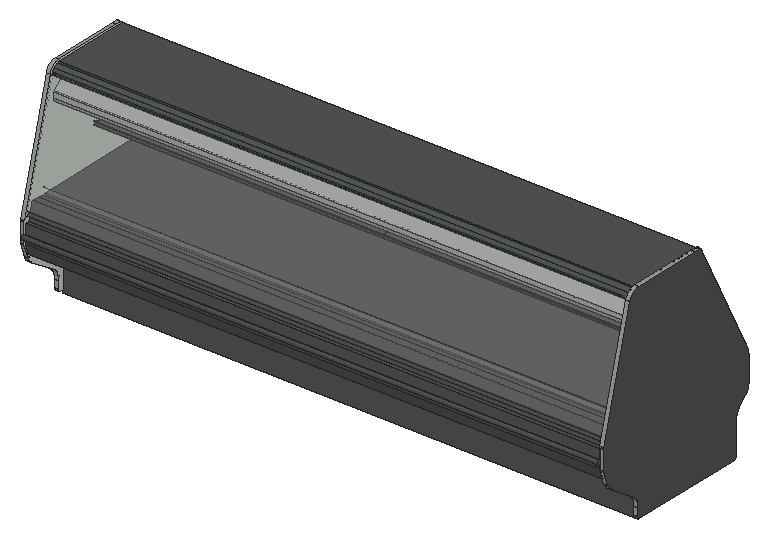
Revit family "ESGMVS_2014", category Specialty Equipment, Revit 2014
Parameters (values of type "12'-0" Length")
  Width = 144 1/2"
  Waste Drain = 1 1/2"  # constant formula
  URL = "www.hussmann.com"
  Type Comments = "Elite"  # constant formula
  Trim = Stainless Steel
  Total Weight = Case Weight + (2 * End Weight)  # 1400.00 lbf
  Splashguard = Textured Sheet Metal (Steel Painted) - 701 Black
  Side Panel - Right [instance] = yes
  Side Panel - Left [instance] = yes
  Shelves = Sheet Metal (Steel Painted) - 701 Black
  Shelf Lights [instance] = yes
  Shelf [instance] = yes
  Revit Family Date = "05/26/2016"  # constant formula
  Refrigeration Lines Suction = 7/8"  # constant formula
  Refrigeration Lines Liquid = 3/8"  # constant formula
  Refrig. Suction = "Suction"
  Refrig. Liquid = "Liquid"
  Number of Supports = if(Width < 50", 2, if(Width < 100", 3, 4))  # 4
  Number of Shelf Supports = if(Width < 96", 2, 3)  # 3
  Note from Manufacturer = "This model only comes 4'-0\", 6'-0\", 8'-0\", and 12'-0\" lengths."
  Model URL = "http://www.hussmann.com/en/product%20viewer/display-cases/ESGMVS"
  Model = "ESGMVS"  # constant formula
  Manufacturer Disclaimer = "The information in this file is not intended to be an exact representation of the corresponding Hussmann product.  Further, we reserve the right to change or revise specifications and product design in connection with any feature of our products. Such changes do not entitle the buyer to corresponding changes, improvements, additions, or replacements for equipment previously sold or shipped."  # constant formula
  Manufacturer = "Hussmann Corporation"  # constant formula
  Location of Drain = if(Width < 144", 24 1/8", 72 1/4")  # 72 1/4"
  Light [instance] = yes
  Height = 52 7/8"  # constant formula
  Glazing = Glass
  Ends = Textured Sheet Metal (Steel Painted) - 701 Black
  End Weight = 100.00 lbf  # constant formula
  Door Frame = Plastic - 701 Black
  Description = "Elite Vertical Glass, Gravity and Serpentine Coil Service Case Merchandiserr"  # constant formula
  Depth = 46"  # constant formula
  Cutsheet URL = "http://www.hussmann.com/en/Technical%20Documents/0474008_D_ESGMVS.pdf"
  Case Weight = if(Width = 48 1/4", 600.00 lbf, if(Width = 72 3/8", 700.00 lbf, if(Width = 96 3/8", 1100.00 lbf, if(Width = 144 1/2", 1200.00 lbf, 0.00 lbf))))  # 1200.00 lbf
  Case Interior - Side Panel = Mirror
  Case Interior - Back Panel = Stainless Steel
  Case = Textured Sheet Metal (Steel Painted) - 701 Black
  Bumper = Extruded PVC - 701 Black
  Assembly Code = ""
  Accessories/Options = ""
  8 Case = Width = 96 3/8"  # no
  6 Case = Width = 72 3/8"  # no
  4 Case = Width = 48 1/4"  # no
  12 Case = Width = 144 1/2"  # yes
Reference planes (in)
  plane 1 "Back": y = 0
  plane 2 "Bottom": z = 0
  plane 3 "Left": x = -77.30699
  plane 4 "Center (Left/Right)": x = -5.05699
  plane 5: x = -78.30699
  plane 6 "Right": x = 67.19301
  plane 7: x = 68.19301
  plane 8 "Front": y = -46
  plane 9 "Top": z = 52.875
Forms (in)
  Extrusion 1, solid, material "Metal - Copper"
    sketch origin (63.0625, 1.04319, 0) x (1, 0, 0) y (0, 1, 0)
      loop
        arc (-68.11949, -26.54319) -> (-68.64982, -26.76286) -> (-68.86949, -27.29319) r 0.75
        arc (-68.86949, -27.29319) -> (-68.64982, -27.82352) -> (-68.11949, -28.04319) r 0.75
        arc (-68.11949, -28.04319) -> (-67.58916, -27.82352) -> (-67.36949, -27.29319) r 0.75
        arc (-67.36949, -27.29319) -> (-67.58916, -26.76286) -> (-68.11949, -26.54319) r 0.75
      loop
        circle (-68.11949, -27.29319) r 0.7102
    from 16.19922 to 15.21482
  Extrusion 2, solid, material "Metal - Copper"
    sketch origin (57.40105, 5, -0.375) x (1, 0, 0) y (0, 1, 0)
      loop
        circle (1.10446, -34.375) r 0.41359
      loop
        circle (1.10446, -34.375) r 0.4375
    from 16.57422 to 0.375
  Extrusion 3, solid, material "Metal - Copper"
    sketch origin (59.82608, 5, -0.375) x (1, 0, 0) y (0, 1, 0)
      loop
        circle (-0.69557, -34.375) r 0.17188
      loop
        circle (-0.69557, -34.375) r 0.1875
    from 16.57422 to 0.375
  Extrusion 4, solid, material "Textured Sheet Metal (Steel Painted) - 701 Black" <- "Case"
    sketch origin (-5.05699, 0, 0) x (0, 1, 0) y (0, 0, 1)
      loop
        line (-17.51277, 50.28954) -> (-16.52755, 48.35594) -> (-13.36853, 49.96554) -> (-14.85095, 52.87495) -> (-34.64398, 52.87495) -> (-34.64398, 51.46832) -> (-33.4652, 50.28954) -> (-17.51277, 50.28954)
      loop
        line (-31.84269, 8.7695) -> (-31.84269, 16.19922) -> (-5.46069, 16.19922) -> (-5.46069, 13.31049) -> (-2.20656, 13.31049) -> (-0.04964, 15.46741) -> (-0.06621, 23.85827) -> (-0.99729, 25.68562) -> (-4.15631, 24.07602) -> (-5.08572, 25.90009) -> (-5.97398, 25.89513) -> (-8.2206, 25.56606) -> (-8.2206, 24.444) -> (-9.55835, 24.444) -> (-9.55375, 24.31223) -> (-19.59163, 23.96173) -> (-19.59272, 23.99307) -> (-25.24998, 22.26349) -> (-37.67551, 22.26349) -> (-37.67551, 23.43551) -> (-37.52351, 23.43551) -> (-37.52351, 24.18551) -> (-39.55251, 24.18551) -> (-39.55251, 24.99851) -> (-40.86178, 24.99851) -> (-40.86178, 25.09169) -> (-42.9561, 25.27492) -> (-44.03329, 20.95451) -> (-45.0982, 20.95451) -> (-45.0982, 16.35783) -> (-44.1682, 13.70757) -> (-36.02691, 8.25659) -> (-34.79847, 8.25659) -> (-34.79847, 8.3175) -> (-35.15041, 8.3175) -> (-35.15041, 8.7695) -> (-31.84269, 8.7695)
    from 72.25 to -72.25
  Extrusion 5, solid, material "Sheet Metal (Steel Painted) - 701 Black" <- "Shelves"
    sketch origin (-5.05699, 0, 0) x (0, 1, 0) y (0, 0, 1)
      loop
        line (-39.12318, 24.2901) -> (-8.38835, 24.55832) -> (-8.39509, 25.33029) -> (-39.12992, 25.06207) -> (-39.12318, 24.2901)
    from 72.25 to -72.25
  Extrusion 6, solid, material "Glass" <- "Glazing"
    sketch origin (-5.05699, 0, 0) x (0, 1, 0) y (0, 0, 1)
      loop
        line (-39.55251, 24.18551) -> (-39.30251, 24.18551) -> (-39.30251, 26.60751)
        arc (-39.30251, 26.60751) -> (-39.42751, 26.73251) -> (-39.55251, 26.60751) r 0.125
        line (-39.55251, 26.60751) -> (-39.55251, 24.18551)
    from 72.25 to -72.25
  Extrusion 7, solid, material "Glass" <- "Glazing"
    sketch origin (-5.05699, 0, 0) x (0, 1, 0) y (0, 0, 1)
      loop
        line (-36.02604, 51.35697) -> (-36.25369, 51.42004) -> (-44.31362, 22.32842) -> (-44.08618, 22.26541) -> (-36.02604, 51.35697)
    from 72.25 to -72.25
  Extrusion 8, solid, material "Plastic - 701 Black" <- "Door Frame"
    sketch origin (-5.05699, 0, 0) x (0, 1, 0) y (0, 0, 1)
      loop
        line (-32.7599, 50.28954) -> (-33.4652, 50.28954) -> (-33.87472, 50.69906)
        arc (-33.87472, 50.69906) -> (-34.24857, 50.7637) -> (-34.5997, 50.9074) r 1.75
        arc (-34.5997, 50.9074) -> (-34.66775, 51.31418) -> (-34.94105, 51.62307) r 0.74803
        line (-34.94105, 51.62307) -> (-34.94105, 52.65753)
        arc (-34.94105, 52.65753) -> (-35.56309, 52.40256) -> (-36.11027, 52.01198) r 2.91774
        arc (-36.11027, 52.01198) -> (-36.53496, 51.39941) -> (-36.58106, 50.65545) r 1.38647
        arc (-36.58106, 50.65545) -> (-36.56917, 50.63415) -> (-36.54734, 50.62324) r 0.04142
        line (-36.54734, 50.62324) -> (-36.47964, 50.60448) -> (-36.25369, 51.42004) -> (-36.02604, 51.35697) -> (-36.25176, 50.5423) -> (-36.04309, 50.48436)
        arc (-36.04309, 50.48436) -> (-36.02813, 50.48619) -> (-36.01885, 50.49806) r 0.01969
        line (-36.01885, 50.49806) -> (-35.97043, 50.67247) -> (-35.44329, 50.25291)
        arc (-35.44329, 50.25291) -> (-35.36357, 50.20669) -> (-35.27388, 50.18552) r 0.31496
        line (-35.27388, 50.18552) -> (-33.96931, 50.0744)
        arc (-33.96931, 50.0744) -> (-33.35048, 50.10259) -> (-32.7599, 50.28954) r 2.38
      loop
        line (-44.08618, 22.26541) -> (-44.31362, 22.32842) -> (-44.12165, 23.02132) -> (-44.1814, 23.03787) -> (-44.38992, 22.28522) -> (-43.74599, 22.10682) -> (-43.55699, 22.86487) -> (-43.89421, 22.9583) -> (-44.08618, 22.26541)
    from 72.25 to -72.25
  Extrusion 9, solid, material "Extruded PVC - 701 Black" <- "Bumper"
    sketch origin (-5.05699, 0, 0) x (0, 1, 0) y (0, 0, 1)
      loop
        arc (-45.4465, 18.55301) -> (-46, 17.99951) -> (-45.4465, 17.44601) r 0.5535
        line (-45.4465, 17.44601) -> (-45.0982, 17.44601) -> (-45.0982, 18.55301) -> (-45.4465, 18.55301)
    from 72.25 to -72.25
  Extrusion 10, solid, material "Textured Sheet Metal (Steel Painted) - 701 Black" <- "Splashguard"
    sketch origin (-5.05699, 0, 0) x (0, 1, 0) y (0, 0, 1)
      loop
        line (-33.24969, 0.071) -> (-33.04469, 0.071) -> (-33.04469, 0) -> (-31.84269, 0) -> (-31.84269, 5) -> (-31.91369, 5) -> (-31.91369, 0.071) -> (-32.51669, 0.071) -> (-32.51669, 0.5) -> (-32.56279, 0.5) -> (-32.56279, 0.1) -> (-32.82069, 0.1) -> (-32.82069, 8.24901) -> (-32.56279, 8.24901) -> (-32.56279, 7.84901) -> (-32.51669, 7.84901) -> (-32.51669, 8.27801) -> (-33.0154, 8.27801) -> (-33.0154, 8.7695) -> (-33.6714, 8.7695) -> (-33.6714, 8.6985) -> (-33.0864, 8.6985) -> (-33.0864, 8.27801) -> (-33.24969, 8.27801) -> (-33.24969, 0.071)
      loop
        line (-4.00019, 0.071) -> (-4.00019, 12.67) -> (-4.24596, 12.67) -> (-4.24596, 13.21349) -> (-2.37596, 13.21349) -> (-2.37596, 12.63228) -> (-2.73177, 12.63228) -> (-2.73177, 12.58528) -> (-2.23177, 12.58528) -> (-2.23177, 13.31049) -> (-4.34296, 13.31049) -> (-4.34296, 12.67) -> (-4.73319, 12.67) -> (-4.73319, 12.241) -> (-4.68708, 12.241) -> (-4.68708, 12.641) -> (-4.42919, 12.641) -> (-4.42919, 0.1) -> (-4.68708, 0.1) -> (-4.68708, 0.5) -> (-4.73319, 0.5) -> (-4.73319, 0.071) -> (-5.38969, 0.071) -> (-5.38969, 5) -> (-5.46069, 5) -> (-5.46069, 0) -> (-4.25869, 0) -> (-4.25869, 0.071) -> (-4.00019, 0.071)
    from 72.25 to -72.25
  Extrusion 11, solid, material "Stainless Steel"
    sketch origin (-5.05699, 0, 0) x (0, 1, 0) y (0, 0, 1)
      loop
        line (-18.70021, 44.42049) -> (-18.48844, 43.92158) -> (-16.22378, 44.88287) -> (-15.24557, 43.90465) -> (-15.24557, 43.252) -> (-15.21057, 43.252) -> (-15.21057, 43.91915) -> (-15.47571, 44.18429) -> (-15.13192, 44.35946) -> (-15.50234, 44.35946) -> (-16.49812, 45.35522) -> (-18.70021, 44.42049)
      loop
        line (-32.77408, 49.78954) -> (-36.28285, 46.63022) -> (-36.28285, 45.32547) -> (-36.00573, 44.56408) -> (-35.97284, 44.57606) -> (-36.24785, 45.33164) -> (-36.24785, 46.61464) -> (-36.07611, 46.76928) -> (-36.07611, 46.05304) -> (-34.63111, 46.05304) -> (-34.63111, 46.72354) -> (-33.43925, 46.72354) -> (-33.43925, 45.20977) -> (-32.64769, 44.85463) -> (-32.69067, 44.75883) -> (-33.61352, 45.17288) -> (-33.79285, 44.77319) -> (-33.74902, 44.75352) -> (-33.58156, 45.12676) -> (-32.95682, 44.84646) -> (-33.1222, 44.47786) -> (-29.21348, 42.72414) -> (-20.19966, 42.06788) -> (-20.18705, 42.09599) -> (-19.73086, 41.89131) -> (-19.52618, 42.3475) -> (-19.98237, 42.55218) -> (-19.41191, 43.82364) -> (-19.46497, 43.84745) -> (-19.76767, 43.17279) -> (-21.02173, 43.73545) -> (-20.97875, 43.83125) -> (-19.89375, 43.83125) -> (-19.89375, 44.54254) -> (-19.63175, 44.54254) -> (-19.63175, 44.78885) -> (-19.78875, 44.78885) -> (-19.78875, 47.98069) -> (-20.72175, 48.92615) -> (-20.72175, 49.28954) -> (-21.08034, 49.28954) -> (-21.48197, 49.69654) -> (-21.48197, 49.84854) -> (-22.29797, 49.84854) -> (-22.29797, 50.28954) -> (-23.60347, 50.28954) -> (-23.60347, 49.84854) -> (-24.41947, 49.84854) -> (-24.41947, 49.78954) -> (-28.6217, 49.78954) -> (-28.6217, 49.84854) -> (-29.4377, 49.84854) -> (-29.4377, 50.28954) -> (-30.7432, 50.28954) -> (-30.7432, 49.84854) -> (-31.5592, 49.84854) -> (-31.5592, 49.78954) -> (-32.77408, 49.78954)
    from 72.25 to -72.25
  Extrusion 12, solid, material "Textured Sheet Metal (Steel Painted) - 701 Black" <- "Ends", visible <- "Side Panel - Left"
    sketch origin (-77.30699, 0, 0) x (0, 1, 0) y (0, 0, 1)
      loop
        line (-42.81294, 11.13829) -> (-36.1608, 6.68437)
        arc (-36.1608, 6.68437) -> (-34.87597, 5.26475) -> (-34.41118, 3.40732) r 3.94376
        line (-34.41118, 3.40732) -> (-34.41118, 1.33267)
        arc (-34.41118, 1.33267) -> (-34.26474, 0.97914) -> (-33.91121, 0.8327) r 0.49997
        line (-33.91121, 0.8327) -> (-4.4146, 0.8327)
        arc (-4.4146, 0.8327) -> (-4.06106, 0.97914) -> (-3.91463, 1.33267) r 0.49997
        line (-3.91463, 1.33267) -> (-3.91463, 9.19202)
        arc (-3.91463, 9.19202) -> (-3.61442, 10.70123) -> (-2.75952, 11.98068) r 3.94376
        line (-2.75952, 11.98068) -> (-0.89905, 13.84116)
        arc (-0.89905, 13.84116) -> (-0.14555, 14.96885) -> (0.11905, 16.29906) r 3.47601
        line (0.11905, 16.29906) -> (0.11905, 22.82157)
        arc (0.11905, 22.82157) -> (0.01535, 23.69771) -> (-0.29001, 24.52543) r 3.75306
        line (-0.29001, 24.52543) -> (-0.68723, 25.30501) -> (-14.35702, 52.13348) -> (-14.75424, 52.91306)
        arc (-14.75424, 52.91306) -> (-14.84636, 53.01272) -> (-14.97697, 53.04956) r 0.24998
        line (-14.97697, 53.04956) -> (-16.31022, 53.04956) -> (-34.23382, 53.04956)
        arc (-34.23382, 53.04956) -> (-35.99196, 52.45695) -> (-37.03263, 50.92097) r 2.90434
        line (-37.03263, 50.92097) -> (-45.2046, 21.43748)
        arc (-45.2046, 21.43748) -> (-45.2182, 21.37132) -> (-45.22276, 21.30394) r 0.49997
        line (-45.22276, 21.30394) -> (-45.22276, 16.25206) -> (-43.93778, 12.59021)
        arc (-43.93778, 12.59021) -> (-43.49313, 11.77301) -> (-42.81294, 11.13829) r 2.90483
    from 0 to -1
  Extrusion 13, solid, material "Textured Sheet Metal (Steel Painted) - 701 Black" <- "Ends", visible <- "Side Panel - Right"
    sketch origin (67.19301, 0, 0) x (0, 0, 1) y (0, -1, 0)
      loop
        line (16.25206, 45.22276) -> (12.59021, 43.93778)
        arc (12.59021, 43.93778) -> (11.77301, 43.49313) -> (11.13829, 42.81294) r 2.90483
        line (11.13829, 42.81294) -> (6.68437, 36.1608)
        arc (6.68437, 36.1608) -> (5.26475, 34.87597) -> (3.40732, 34.41118) r 3.94376
        line (3.40732, 34.41118) -> (1.33267, 34.41118)
        arc (1.33267, 34.41118) -> (0.97914, 34.26474) -> (0.8327, 33.91121) r 0.49997
        line (0.8327, 33.91121) -> (0.8327, 4.4146)
        arc (0.8327, 4.4146) -> (0.97914, 4.06106) -> (1.33267, 3.91463) r 0.49997
        line (1.33267, 3.91463) -> (9.19202, 3.91463)
        arc (9.19202, 3.91463) -> (10.70123, 3.61442) -> (11.98068, 2.75952) r 3.94376
        line (11.98068, 2.75952) -> (13.84116, 0.89905)
        arc (13.84116, 0.89905) -> (14.96885, 0.14555) -> (16.29906, -0.11905) r 3.47601
        line (16.29906, -0.11905) -> (22.82157, -0.11905)
        arc (22.82157, -0.11905) -> (23.69771, -0.01535) -> (24.52543, 0.29001) r 3.75306
        line (24.52543, 0.29001) -> (25.30501, 0.68723) -> (52.13348, 14.35702) -> (52.91306, 14.75424)
        arc (52.91306, 14.75424) -> (53.01272, 14.84636) -> (53.04956, 14.97697) r 0.24998
        line (53.04956, 14.97697) -> (53.04956, 16.31022) -> (53.04956, 34.23382)
        arc (53.04956, 34.23382) -> (52.45695, 35.99196) -> (50.92097, 37.03263) r 2.90434
        line (50.92097, 37.03263) -> (21.43748, 45.2046)
        arc (21.43748, 45.2046) -> (21.37132, 45.2182) -> (21.30394, 45.22276) r 0.49997
        line (21.30394, 45.22276) -> (16.25206, 45.22276)
    from 1 to 0
  Extrusion 14, solid, material "Stainless Steel" <- "Case Interior - Back Panel", visible <- "8 Case"
    sketch origin (-5.05699, -0.15579, 0.93562) x (0, 1, 0) y (0, 0, 1)
      loop
        line (-4.00052, 23.1404) -> (-0.8415, 24.75) -> (-13.21274, 49.02993) -> (-16.37176, 47.42033) -> (-4.00052, 23.1404)
    from -48.1875 to -47.59375
  Extrusion 15, solid, material "Stainless Steel" <- "Case Interior - Back Panel", visible <- "6 Case"
    sketch origin (-5.05699, -0.15579, 0.93562) x (0, 1, 0) y (0, 0, 1)
      loop
        line (-4.00052, 23.1404) -> (-0.8415, 24.75) -> (-13.21274, 49.02993) -> (-16.37176, 47.42033) -> (-4.00052, 23.1404)
    from -35.5 to -36.1875
  Extrusion 16, solid, material "Stainless Steel" <- "Case Interior - Back Panel", visible <- "12 Case"
    sketch origin (-5.05699, -0.15579, 0.93562) x (0, 1, 0) y (0, 0, 1)
      loop
        line (-4.00052, 23.1404) -> (-0.8415, 24.75) -> (-13.21274, 49.02993) -> (-16.37176, 47.42033) -> (-4.00052, 23.1404)
    from 0.625 to -0.625
  Extrusion 17, solid, material "Stainless Steel" <- "Case Interior - Back Panel", visible <- "12 Case"
    sketch origin (-5.05699, -0.15579, 0.93562) x (0, 1, 0) y (0, 0, 1)
      loop
        line (-4.00052, 23.1404) -> (-0.8415, 24.75) -> (-13.21274, 49.02993) -> (-16.37176, 47.42033) -> (-4.00052, 23.1404)
    from -71.625 to -72.25
  Extrusion 18, solid, material "Stainless Steel" <- "Case Interior - Back Panel", visible <- "12 Case"
    sketch origin (-5.05699, -0.15579, 0.93562) x (0, 1, 0) y (0, 0, 1)
      loop
        line (-4.00052, 23.1404) -> (-0.8415, 24.75) -> (-13.21274, 49.02993) -> (-16.37176, 47.42033) -> (-4.00052, 23.1404)
    from 72.25 to 71.625
  Extrusion 19, solid, material "Stainless Steel" <- "Case Interior - Back Panel", visible <- "12 Case", not visible
    sketch origin (-5.05699, -39, 0) x (0, 1, 0) y (0, 0, 1)
      loop
        line (-4.00052, 23.1404) -> (-0.8415, 24.75) -> (-13.21274, 49.02993) -> (-16.37176, 47.42033) -> (-4.00052, 23.1404)
    from 0.625 to -0.625
  Extrusion 20, solid, material "Stainless Steel" <- "Case Interior - Back Panel", visible <- "12 Case", not visible
    sketch origin (-5.05699, -39, 0) x (0, 1, 0) y (0, 0, 1)
      loop
        line (-4.00052, 23.1404) -> (-0.8415, 24.75) -> (-13.21274, 49.02993) -> (-16.37176, 47.42033) -> (-4.00052, 23.1404)
    from -71.625 to -72.25
  Extrusion 21, solid, material "Stainless Steel" <- "Case Interior - Back Panel", visible <- "12 Case", not visible
    sketch origin (-5.05699, -39, 0) x (0, 1, 0) y (0, 0, 1)
      loop
        line (-4.00052, 23.1404) -> (-0.8415, 24.75) -> (-13.21274, 49.02993) -> (-16.37176, 47.42033) -> (-4.00052, 23.1404)
    from 72.25 to 71.625
  Extrusion 22, solid, material "Stainless Steel" <- "Case Interior - Back Panel", visible <- "6 Case"
    sketch origin (-5.05699, -0.15579, 0.93562) x (0, 1, 0) y (0, 0, 1)
      loop
        line (-4.00052, 23.1404) -> (-0.8415, 24.75) -> (-13.21274, 49.02993) -> (-16.37176, 47.42033) -> (-4.00052, 23.1404)
    from 36.1875 to 35.5
  Extrusion 23, solid, material "Stainless Steel" <- "Case Interior - Back Panel", visible <- "6 Case", not visible
    sketch origin (-5.05699, 40.54873, 0) x (0, 1, 0) y (0, 0, 1)
      loop
        line (-4.00052, 23.1404) -> (-0.8415, 24.75) -> (-13.21274, 49.02993) -> (-16.37176, 47.42033) -> (-4.00052, 23.1404)
    from -35.5 to -36.1875
  Extrusion 24, solid, material "Stainless Steel" <- "Case Interior - Back Panel", visible <- "6 Case", not visible
    sketch origin (-5.05699, 40.54873, 0) x (0, 1, 0) y (0, 0, 1)
      loop
        line (-4.00052, 23.1404) -> (-0.8415, 24.75) -> (-13.21274, 49.02993) -> (-16.37176, 47.42033) -> (-4.00052, 23.1404)
    from 36.1875 to 35.5
  Extrusion 25, solid, material "Stainless Steel" <- "Case Interior - Back Panel", visible <- "8 Case"
    sketch origin (-5.05699, -0.15579, 0.93562) x (0, 1, 0) y (0, 0, 1)
      loop
        line (-4.00052, 23.1404) -> (-0.8415, 24.75) -> (-13.21274, 49.02993) -> (-16.37176, 47.42033) -> (-4.00052, 23.1404)
    from -0.59375 to 0.59375
  Extrusion 26, solid, material "Stainless Steel" <- "Case Interior - Back Panel", visible <- "8 Case"
    sketch origin (-5.05699, -0.15579, 0.93562) x (0, 1, 0) y (0, 0, 1)
      loop
        line (-4.00052, 23.1404) -> (-0.8415, 24.75) -> (-13.21274, 49.02993) -> (-16.37176, 47.42033) -> (-4.00052, 23.1404)
    from 47.59375 to 48.1875
  Extrusion 27, solid, material "Stainless Steel" <- "Case Interior - Back Panel", visible <- "8 Case", not visible
    sketch origin (-5.05699, -67, 0) x (0, 1, 0) y (0, 0, 1)
      loop
        line (-4.00052, 23.1404) -> (-0.8415, 24.75) -> (-13.21274, 49.02993) -> (-16.37176, 47.42033) -> (-4.00052, 23.1404)
    from -48.1875 to -47.59375
  Extrusion 28, solid, material "Stainless Steel" <- "Case Interior - Back Panel", visible <- "8 Case", not visible
    sketch origin (-5.05699, -67, 0) x (0, 1, 0) y (0, 0, 1)
      loop
        line (-4.00052, 23.1404) -> (-0.8415, 24.75) -> (-13.21274, 49.02993) -> (-16.37176, 47.42033) -> (-4.00052, 23.1404)
    from -0.59375 to 0.59375
  Extrusion 29, solid, material "Stainless Steel" <- "Case Interior - Back Panel", visible <- "8 Case", not visible
    sketch origin (-5.05699, -67, 0) x (0, 1, 0) y (0, 0, 1)
      loop
        line (-4.00052, 23.1404) -> (-0.8415, 24.75) -> (-13.21274, 49.02993) -> (-16.37176, 47.42033) -> (-4.00052, 23.1404)
    from 47.59375 to 48.1875
  Extrusion 30, solid, material "Stainless Steel" <- "Case Interior - Back Panel", visible <- "4 Case"
    sketch origin (-5.05699, -0.15579, 0.93562) x (0, 1, 0) y (0, 0, 1)
      loop
        line (-4.00052, 23.1404) -> (-0.8415, 24.75) -> (-13.21274, 49.02993) -> (-16.37176, 47.42033) -> (-4.00052, 23.1404)
    from -23.5 to -24.125
  Extrusion 31, solid, material "Stainless Steel" <- "Case Interior - Back Panel", visible <- "4 Case"
    sketch origin (-5.05699, -0.15579, 0.93562) x (0, 1, 0) y (0, 0, 1)
      loop
        line (-4.00052, 23.1404) -> (-0.8415, 24.75) -> (-13.21274, 49.02993) -> (-16.37176, 47.42033) -> (-4.00052, 23.1404)
    from 24.125 to 23.5
  Extrusion 32, solid, material "Stainless Steel" <- "Case Interior - Back Panel", visible <- "4 Case", not visible
    sketch origin (-5.05699, 24, 0) x (0, 1, 0) y (0, 0, 1)
      loop
        line (-4.00052, 23.1404) -> (-0.8415, 24.75) -> (-13.21274, 49.02993) -> (-16.37176, 47.42033) -> (-4.00052, 23.1404)
    from -23.5 to -24.125
  Extrusion 33, solid, material "Stainless Steel" <- "Case Interior - Back Panel", visible <- "4 Case", not visible
    sketch origin (-5.05699, 24, 0) x (0, 1, 0) y (0, 0, 1)
      loop
        line (-4.00052, 23.1404) -> (-0.8415, 24.75) -> (-13.21274, 49.02993) -> (-16.37176, 47.42033) -> (-4.00052, 23.1404)
    from 24.125 to 23.5
  Extrusion 34, solid, material "Sheet Metal (Steel Painted) - 701 Black" <- "Shelves", visible <- "Shelf"
    sketch origin (-77.30699, -7.19108, -30.9993) x (0, 1, 0) y (0, 0, 1)
      loop
        line (-16.18534, 64.61155) -> (-15.98654, 64.81035) -> (-16.01907, 64.81035) -> (-16.20161, 64.62782)
        arc (-16.20161, 64.62782) -> (-16.21795, 64.62456) -> (-16.22721, 64.63842) r 0.015
        line (-16.22721, 64.63842) -> (-16.22721, 65.28367)
        arc (-16.22721, 65.28367) -> (-16.16459, 65.35764) -> (-16.0813, 65.30809) r 0.075
        line (-16.0813, 65.30809) -> (-16.05383, 65.2283)
        arc (-16.05383, 65.2283) -> (-16.03997, 65.20973) -> (-16.0179, 65.20267) r 0.038
        line (-16.0179, 65.20267) -> (-4.18143, 65.20267) -> (-4.20443, 65.22567) -> (-16.0286, 65.22567) -> (-16.05956, 65.31558)
        arc (-16.05956, 65.31558) -> (-16.16839, 65.38032) -> (-16.25021, 65.28367) r 0.098
        line (-16.25021, 65.28367) -> (-16.25021, 64.63842)
        arc (-16.25021, 64.63842) -> (-16.22676, 64.60331) -> (-16.18534, 64.61155) r 0.038
      loop
        line (-16.89958, 69.93853) -> (-16.70078, 70.13733) -> (-16.7333, 70.13733) -> (-16.91584, 69.9548)
        arc (-16.91584, 69.9548) -> (-16.93219, 69.95154) -> (-16.94145, 69.9654) r 0.015
        line (-16.94145, 69.9654) -> (-16.94145, 70.61065)
        arc (-16.94145, 70.61065) -> (-16.87883, 70.68462) -> (-16.79553, 70.63507) r 0.075
        line (-16.79553, 70.63507) -> (-16.76806, 70.55528)
        arc (-16.76806, 70.55528) -> (-16.7542, 70.53672) -> (-16.73213, 70.52965) r 0.038
        line (-16.73213, 70.52965) -> (-6.89566, 70.52965) -> (-6.91866, 70.55265) -> (-16.74283, 70.55265) -> (-16.77379, 70.64256)
        arc (-16.77379, 70.64256) -> (-16.88262, 70.7073) -> (-16.96445, 70.61065) r 0.098
        line (-16.96445, 70.61065) -> (-16.96445, 69.9654)
        arc (-16.96445, 69.9654) -> (-16.94099, 69.93029) -> (-16.89958, 69.93853) r 0.038
    from 0 to 144.5
  Extrusion 35, solid, material "Stainless Steel" <- "Case Interior - Back Panel", visible <- "Shelf"
    sketch origin (-77.30699, 0, 0) x (0, 1, 0) y (0, 0, 1)
      loop
        line (-9.21752, 30.7052) -> (-7.88102, 31.38618) -> (-14.4784, 44.33426) -> (-15.81489, 43.65328) -> (-9.21752, 30.7052)
    from 0 to 0.625
  Extrusion 36, solid, material "Stainless Steel" <- "Case Interior - Back Panel", visible <- "Shelf"
    sketch origin (66.56801, 0, 0) x (0, 1, 0) y (0, 0, 1)
      loop
        line (-9.21752, 30.7052) -> (-7.88102, 31.38618) -> (-14.4784, 44.33426) -> (-15.81489, 43.65328) -> (-9.21752, 30.7052)
    from 0 to 0.625
  Extrusion 37, solid, material "Stainless Steel" <- "Case Interior - Back Panel", visible <- "Shelf"
    sketch origin (-5.36949, 0, 0) x (0, 1, 0) y (0, 0, 1)
      loop
        line (-9.21752, 30.7052) -> (-7.88102, 31.38618) -> (-14.4784, 44.33426) -> (-15.81489, 43.65328) -> (-9.21752, 30.7052)
    from 0 to 0.625
  Extrusion 38, solid, material "Stainless Steel" <- "Case Interior - Back Panel"
    sketch origin (66.56801, 0, 0) x (0, 1, 0) y (0, 0, 1)
      loop
        line (-15.50234, 44.35946) -> (-15.13201, 44.35946) -> (-14.62331, 44.61866) -> (-17.51277, 50.28954) -> (-21.43256, 50.28954) -> (-15.50234, 44.35946)
    from 0 to 0.625
  Extrusion 39, solid, material "Stainless Steel" <- "Case Interior - Back Panel"
    sketch origin (-77.30699, 0, 0) x (0, 1, 0) y (0, 0, 1)
      loop
        line (-15.50234, 44.35946) -> (-15.13201, 44.35946) -> (-14.62331, 44.61866) -> (-17.51277, 50.28954) -> (-21.43256, 50.28954) -> (-15.50234, 44.35946)
    from 0 to 0.625
  Extrusion 40, solid, material "Stainless Steel" <- "Case Interior - Back Panel"
    sketch origin (-5.36949, 0, 0) x (0, 1, 0) y (0, 0, 1)
      loop
        line (-15.50234, 44.35946) -> (-15.13201, 44.35946) -> (-14.62331, 44.61866) -> (-17.51277, 50.28954) -> (-21.43256, 50.28954) -> (-15.50234, 44.35946)
    from 0 to 0.625
Lines and regions (in)
  reference lines
    curve 1: line (-73.68199, -45.25, 0) -> (-73.68199, 0, 0)
    curve 2: line (-5.05699, -45.25, 0) -> (-5.05699, 0, 0)
    curve 3: line (63.56801, -45.25, 0) -> (63.56801, 0, 0)
    curve 4: line (58.94301, -45.25, 0) -> (58.94301, 0, 0)
    curve 5: line (-77.30699, -26.25, 0) -> (67.19301, -26.25, 0)
    curve 6: line (67.19301, -29.375, 0) -> (-77.30699, -29.375, 0)
    curve 7: line (-76.99449, -45.25, 0) -> (-76.99449, 0, 0)
    curve 8: line (66.88051, -45.25, 0) -> (66.88051, 0, 0)
Dimensions and locks (in)
  equal spacing: plane 3 "Left", plane 4 "Center (Left/Right)", plane 6 "Right"
  locked: plane 5 to plane 3 "Left" at 1
  "Width": plane 3 "Left" to plane 6 "Right"
  locked: plane 3 "Left" to curve 1 at 3.625
  locked: curve 3 to plane 6 "Right" at 3.625
  "Location of Drain": curve 2 to plane 6 "Right"
  "Depth": plane 8 "Front" to plane 1 "Back"
  locked: curve 4 to plane 6 "Right" at 8.25
  "Height": plane 9 "Top" to level
  locked: plane 1 "Back" to curve 5 at 26.25
  locked: plane 1 "Back" to curve 6 at 29.375
  locked: plane 6 "Right" to plane 7 at 1
  locked: Extrusion 1 sketch curve to Extrusion 1 sketch curve at 0.0398
  locked: Extrusion 3 sketch curve to Extrusion 3 sketch curve at 0.01562
  locked: Extrusion 2 sketch curve to Extrusion 2 sketch curve at 0.02391
  locked: nested 1 to plane 1 "Back" at 5.46069
  equal spacing: group 1, group 11, group 12, group 2  (x3)
  locked: curve 8 to plane 6 "Right" at 0.3125
  locked: plane 3 "Left" to curve 7 at 0.3125
  equal spacing: group 13, group 15, group 14  (x3)
  "Waste Drain": diameter of Extrusion 1 sketch curve
  "Refrigeration Lines Liquid": diameter of Extrusion 3 sketch curve
  "Refrigeration Lines Suction": diameter of Extrusion 2 sketch curve
  aligned and locked: plane 3 "Left" to curve 5
  aligned and locked: plane 3 "Left" to curve 6
  aligned and locked: plane 6 "Right" to curve 6
  aligned and locked: plane 6 "Right" to curve 5
  aligned and locked: Extrusion 2 to level
  aligned and locked: Extrusion 3 to level
  aligned and locked: curve 6 to Extrusion 3 sketch curve  (x4)
  aligned and locked: curve 6 to Extrusion 2 sketch curve  (x4)
  aligned and locked: curve 5 to Extrusion 1 sketch curve  (x3)
  aligned and locked: curve 2 to Extrusion 1 sketch curve
  aligned and locked: curve 4 to Extrusion 3 sketch curve
  aligned and locked: curve 4 to Extrusion 2 sketch curve
  aligned and locked: curve 1 to nested 1
  aligned and locked: curve 3 to nested 2
  aligned and locked: nested 1 to nested 2
  aligned and locked: Extrusion 4 to plane 3 "Left"
  aligned and locked: plane 6 "Right" to Extrusion 4
  aligned and locked: Extrusion 5 to plane 3 "Left"
  aligned and locked: plane 6 "Right" to Extrusion 5
  aligned and locked: Extrusion 6 to plane 3 "Left"
  aligned and locked: plane 6 "Right" to Extrusion 6
  aligned and locked: Extrusion 7 to plane 3 "Left"
  aligned and locked: plane 6 "Right" to Extrusion 7
  aligned and locked: Extrusion 8 to plane 3 "Left"
  aligned and locked: plane 6 "Right" to Extrusion 8
  aligned and locked: Extrusion 9 to plane 3 "Left"
  aligned and locked: plane 6 "Right" to Extrusion 9
  aligned and locked: Extrusion 10 to plane 3 "Left"
  aligned and locked: plane 6 "Right" to Extrusion 10
  aligned and locked: Extrusion 11 to plane 3 "Left"
  aligned and locked: plane 6 "Right" to Extrusion 11
  aligned and locked: plane 3 "Left" to nested 3
  aligned and locked: plane 5 to Extrusion 12
  aligned and locked: plane 3 "Left" to Extrusion 12
  aligned and locked: plane 7 to Extrusion 13
  aligned and locked: Extrusion 13 to plane 6 "Right"
  aligned and locked: curve 7 to nested 20
  aligned and locked: curve 8 to nested 22
  aligned and locked: Extrusion 34 to plane 3 "Left"
  aligned and locked: plane 6 "Right" to Extrusion 34
  aligned and locked: plane 3 "Left" to nested 25
  aligned and locked: plane 3 "Left" to nested 26
Automatic sketch dimensions
  Extrusion 14 sketch curve to Extrusion 14 sketch curve = 3.15902"
  Extrusion 14 sketch curve to Extrusion 14 sketch curve = 1.6096"
  Extrusion 15 sketch curve to Extrusion 15 sketch curve = 3.15902"
  Extrusion 16 sketch curve to Extrusion 16 sketch curve = 3.15902"
  Extrusion 17 sketch curve to Extrusion 17 sketch curve = 3.15902"
  Extrusion 18 sketch curve to Extrusion 18 sketch curve = 3.15902"
  Extrusion 16 sketch curve to Extrusion 16 sketch curve = 12.37124"
  Extrusion 16 sketch curve to Extrusion 16 sketch curve = 1.6096"
  Extrusion 17 sketch curve to Extrusion 17 sketch curve = 12.37124"
  Extrusion 17 sketch curve to Extrusion 17 sketch curve = 1.6096"
  Extrusion 18 sketch curve to Extrusion 18 sketch curve = 12.37124"
  Extrusion 18 sketch curve to Extrusion 18 sketch curve = 1.6096"
  Extrusion 19 sketch curve to Extrusion 19 sketch curve = 3.15902"
  Extrusion 20 sketch curve to Extrusion 20 sketch curve = 3.15902"
  Extrusion 21 sketch curve to Extrusion 21 sketch curve = 3.15902"
  Extrusion 19 sketch curve to Extrusion 19 sketch curve = 12.37124"
  Extrusion 19 sketch curve to Extrusion 19 sketch curve = 1.6096"
  Extrusion 20 sketch curve to Extrusion 20 sketch curve = 12.37124"
  Extrusion 20 sketch curve to Extrusion 20 sketch curve = 1.6096"
  Extrusion 21 sketch curve to Extrusion 21 sketch curve = 12.37124"
  Extrusion 21 sketch curve to Extrusion 21 sketch curve = 1.6096"
  Extrusion 22 sketch curve to Extrusion 22 sketch curve = 3.15902"
  Extrusion 15 sketch curve to Extrusion 15 sketch curve = 12.37124"
  Extrusion 15 sketch curve to Extrusion 15 sketch curve = 1.6096"
  Extrusion 22 sketch curve to Extrusion 22 sketch curve = 12.37124"
  Extrusion 22 sketch curve to Extrusion 22 sketch curve = 1.6096"
  Extrusion 23 sketch curve to Extrusion 23 sketch curve = 3.15902"
  Extrusion 24 sketch curve to Extrusion 24 sketch curve = 3.15902"
  Extrusion 23 sketch curve to Extrusion 23 sketch curve = 12.37124"
  Extrusion 23 sketch curve to Extrusion 23 sketch curve = 1.6096"
  Extrusion 24 sketch curve to Extrusion 24 sketch curve = 12.37124"
  Extrusion 24 sketch curve to Extrusion 24 sketch curve = 1.6096"
  Extrusion 25 sketch curve to Extrusion 25 sketch curve = 3.15902"
  Extrusion 25 sketch curve to Extrusion 25 sketch curve = 1.6096"
  Extrusion 26 sketch curve to Extrusion 26 sketch curve = 3.15902"
  Extrusion 26 sketch curve to Extrusion 26 sketch curve = 1.6096"
  Extrusion 14 sketch curve to Extrusion 14 sketch curve = 12.37124"
  Extrusion 25 sketch curve to Extrusion 25 sketch curve = 12.37124"
  Extrusion 26 sketch curve to Extrusion 26 sketch curve = 12.37124"
  Extrusion 27 sketch curve to Extrusion 27 sketch curve = 3.15902"
  Extrusion 27 sketch curve to Extrusion 27 sketch curve = 1.6096"
  Extrusion 28 sketch curve to Extrusion 28 sketch curve = 3.15902"
  Extrusion 28 sketch curve to Extrusion 28 sketch curve = 1.6096"
  Extrusion 29 sketch curve to Extrusion 29 sketch curve = 3.15902"
  Extrusion 29 sketch curve to Extrusion 29 sketch curve = 1.6096"
  Extrusion 27 sketch curve to Extrusion 27 sketch curve = 12.37124"
  Extrusion 28 sketch curve to Extrusion 28 sketch curve = 12.37124"
  Extrusion 29 sketch curve to Extrusion 29 sketch curve = 12.37124"
  Extrusion 30 sketch curve to Extrusion 30 sketch curve = 3.15902"
  Extrusion 30 sketch curve to Extrusion 30 sketch curve = 1.6096"
  Extrusion 31 sketch curve to Extrusion 31 sketch curve = 3.15902"
  Extrusion 31 sketch curve to Extrusion 31 sketch curve = 1.6096"
  Extrusion 30 sketch curve to Extrusion 30 sketch curve = 12.37124"
  Extrusion 31 sketch curve to Extrusion 31 sketch curve = 12.37124"
  Extrusion 32 sketch curve to Extrusion 32 sketch curve = 3.15902"
  Extrusion 32 sketch curve to Extrusion 32 sketch curve = 1.6096"
  Extrusion 33 sketch curve to Extrusion 33 sketch curve = 3.15902"
  Extrusion 33 sketch curve to Extrusion 33 sketch curve = 1.6096"
  Extrusion 32 sketch curve to Extrusion 32 sketch curve = 12.37124"
  Extrusion 33 sketch curve to Extrusion 33 sketch curve = 12.37124"
  Extrusion 34 sketch curve to Extrusion 34 sketch curve = 0"  (x14)
  Extrusion 34 sketch curve to Extrusion 34 sketch curve = 0.023"  (x5)
  Extrusion 34 sketch curve to Extrusion 34 sketch curve = 0.015"  (x4)
  Extrusion 34 sketch curve to Extrusion 34 sketch curve = 0.01061"  (x2)
  Extrusion 34 sketch curve to Extrusion 34 sketch curve = 0.075"  (x2)
  Extrusion 34 sketch curve to Extrusion 34 sketch curve = 0.07091"  (x2)
  Extrusion 34 sketch curve to Extrusion 34 sketch curve = 0.02747"  (x2)
  Extrusion 34 sketch curve to Extrusion 34 sketch curve = 0.02523"  (x2)
  Extrusion 34 sketch curve to Extrusion 34 sketch curve = 0.18254"  (x3)
  Extrusion 34 sketch curve to Extrusion 34 sketch curve = 0.0107"  (x2)
  Extrusion 34 sketch curve to Extrusion 34 sketch curve = 0.03253"  (x2)
  Extrusion 34 sketch curve to Extrusion 34 sketch curve = 0.64936"
  Extrusion 34 sketch curve to Extrusion 34 sketch curve = 0.01626"  (x2)
  Extrusion 34 sketch curve to Extrusion 34 sketch curve = 9.78212"
  Extrusion 34 sketch curve to Extrusion 34 sketch curve = 2.69123"
  Extrusion 34 sketch curve to Extrusion 34 sketch curve = 0.0749"
  Extrusion 34 sketch curve to Extrusion 34 sketch curve = 0.01237"
  Extrusion 34 sketch curve to Extrusion 34 sketch curve = 0.39232"
  Extrusion 34 sketch curve to Extrusion 34 sketch curve = 0.17193"
  Extrusion 34 sketch curve to Extrusion 34 sketch curve = 5.30398"
  Extrusion 6 sketch curve to Extrusion 6 sketch curve = 1/8"
  level to Extrusion 6 sketch curve = 24.18551"
  Extrusion 6 sketch curve to Extrusion 6 sketch curve = 2.422"
  Extrusion 9 sketch curve to Extrusion 9 sketch curve = 0.3483"
  level to Extrusion 9 sketch curve = 17.44601"
  Extrusion 9 sketch curve to Extrusion 9 sketch curve = 0.5535"
  Extrusion 10 sketch curve to level = 0"  (x2)
  level to Extrusion 10 sketch curve = 0.071"  (x4)
  Extrusion 10 sketch curve to Extrusion 10 sketch curve = 0.16328"
  Extrusion 10 sketch curve to Extrusion 10 sketch curve = 0.205"
  Extrusion 10 sketch curve to Extrusion 10 sketch curve = 0.071"  (x4)
  Extrusion 10 sketch curve to Extrusion 10 sketch curve = 0.19472"
  Extrusion 10 sketch curve to Extrusion 10 sketch curve = 0.2579"  (x3)
  Extrusion 10 sketch curve to Extrusion 10 sketch curve = 0.0461"  (x4)
  Extrusion 10 sketch curve to Extrusion 10 sketch curve = 0.603"
  plane 1 "Back" to Extrusion 10 sketch curve = 5.46069"
  Extrusion 10 sketch curve to Extrusion 10 sketch curve = 0.6565"
  plane 1 "Back" to Extrusion 10 sketch curve = 4.73319"
  Extrusion 10 sketch curve to Extrusion 10 sketch curve = 0.08622"
  Extrusion 10 sketch curve to Extrusion 10 sketch curve = 0.1705"
  Extrusion 10 sketch curve to Extrusion 10 sketch curve = 0.097"  (x2)
  Extrusion 10 sketch curve to Extrusion 10 sketch curve = 0.24578"
  Extrusion 10 sketch curve to Extrusion 10 sketch curve = 1.26842"
  Extrusion 10 sketch curve to Extrusion 10 sketch curve = 0.35581"
  Extrusion 10 sketch curve to Extrusion 10 sketch curve = 0.14419"
  Extrusion 10 sketch curve to Extrusion 10 sketch curve = 0.029"  (x3)
  level to Extrusion 10 sketch curve = 0.1"
  Extrusion 10 sketch curve to Extrusion 10 sketch curve = 0.4"  (x4)
  Extrusion 10 sketch curve to Extrusion 10 sketch curve = 4 1/2"  (x2)
  Extrusion 10 sketch curve to Extrusion 10 sketch curve = 7.241"
  Extrusion 10 sketch curve to Extrusion 10 sketch curve = 0.34428"
  Extrusion 10 sketch curve to Extrusion 10 sketch curve = 0.047"
  Extrusion 10 sketch curve to Extrusion 10 sketch curve = 0"  (x2)
  Extrusion 10 sketch curve to Extrusion 10 sketch curve = 0.54349"
  Extrusion 10 sketch curve to Extrusion 10 sketch curve = 2.84901"
  Extrusion 10 sketch curve to Extrusion 10 sketch curve = 0.42049"
  plane 8 "Front" to Extrusion 6 sketch curve = 6.44749"
  plane 8 "Front" to Extrusion 9 sketch curve = 0.5535"
  plane 8 "Front" to Extrusion 10 sketch curve = 14.15731"
  Extrusion 10 sketch curve to Extrusion 10 sketch curve = 0.585"
  plane 8 "Front" to Extrusion 34 sketch curve = 21.84447"
  plane 9 "Top" to Extrusion 34 sketch curve = 13.93577"
  plane 9 "Top" to Extrusion 34 sketch curve = 13.23175"
  Extrusion 34 sketch curve to Extrusion 34 sketch curve = 0.02175"  (x2)
  plane 9 "Top" to Extrusion 34 sketch curve = 18.55873"
  plane 8 "Front" to Extrusion 7 sketch curve = 1.68638"
  Extrusion 7 sketch curve to Extrusion 7 sketch curve = 0.22743"
  plane 9 "Top" to Extrusion 7 sketch curve = 1.45496"
  plane 8 "Front" to Extrusion 7 sketch curve = 9.74631"
  plane 9 "Top" to Extrusion 7 sketch curve = 1.51803"
  Extrusion 7 sketch curve to Extrusion 7 sketch curve = 0.22765"
  plane 9 "Top" to Extrusion 8 sketch curve = 2 25/64"
  Extrusion 8 sketch curve to Extrusion 8 sketch curve = 0.00527"
  plane 9 "Top" to Extrusion 8 sketch curve = 2.37694"
  Extrusion 8 sketch curve to Extrusion 8 sketch curve = 0.01897"
  plane 9 "Top" to Extrusion 8 sketch curve = 2.20253"
  Extrusion 8 sketch curve to Extrusion 8 sketch curve = 0.04843"
  plane 9 "Top" to Extrusion 8 sketch curve = 2.62209"
  Extrusion 8 sketch curve to Extrusion 8 sketch curve = 0.57556"
  Extrusion 8 sketch curve to Extrusion 8 sketch curve = 0.16941"
  Extrusion 8 sketch curve to Extrusion 8 sketch curve = 0.19614"
  Extrusion 8 sketch curve to Extrusion 8 sketch curve = 1.30458"
  plane 9 "Top" to Extrusion 8 sketch curve = 0.42919"
  Extrusion 8 sketch curve to Extrusion 8 sketch curve = 0.20199"
  plane 9 "Top" to Extrusion 8 sketch curve = 2.3327"
  Extrusion 8 sketch curve to Extrusion 8 sketch curve = 0.20867"
  Extrusion 8 sketch curve to Extrusion 8 sketch curve = 1.20941"
  plane 9 "Top" to Extrusion 8 sketch curve = 2.25176"
  Extrusion 8 sketch curve to Extrusion 8 sketch curve = 0.00679"
  Extrusion 8 sketch curve to Extrusion 8 sketch curve = 0.09576"
  Extrusion 8 sketch curve to Extrusion 8 sketch curve = 0.11779"
  plane 9 "Top" to Extrusion 8 sketch curve = 0.21747"
  Extrusion 8 sketch curve to Extrusion 8 sketch curve = 0.1835"
  Extrusion 8 sketch curve to Extrusion 8 sketch curve = 0.0021"
  Extrusion 8 sketch curve to Extrusion 8 sketch curve = 0.22611"
  Extrusion 8 sketch curve to Extrusion 8 sketch curve = 0.04086"
  Extrusion 8 sketch curve to Extrusion 8 sketch curve = 0.44548"
  Extrusion 8 sketch curve to Extrusion 8 sketch curve = 0.04733"
  Extrusion 8 sketch curve to Extrusion 8 sketch curve = 0.67824"
  Extrusion 8 sketch curve to Extrusion 8 sketch curve = 0.00018"
  Extrusion 8 sketch curve to Extrusion 8 sketch curve = 0.0677"
  Extrusion 8 sketch curve to Extrusion 8 sketch curve = 0"
  Extrusion 8 sketch curve to Extrusion 8 sketch curve = 0.62543"
  Extrusion 8 sketch curve to Extrusion 8 sketch curve = 0.09459"
  plane 8 "Front" to Extrusion 8 sketch curve = 1.91382"
  Extrusion 8 sketch curve to Extrusion 8 sketch curve = 0.22743"
  plane 9 "Top" to Extrusion 8 sketch curve = 1.45496"
  Extrusion 8 sketch curve to Extrusion 8 sketch curve = 0.13222"
  Extrusion 8 sketch curve to Extrusion 8 sketch curve = 0.0432"
  Extrusion 8 sketch curve to Extrusion 8 sketch curve = 0.34019"
  Extrusion 8 sketch curve to Extrusion 8 sketch curve = 0.05975"
  Extrusion 8 sketch curve to Extrusion 8 sketch curve = 0.22744"
  Extrusion 8 sketch curve to Extrusion 8 sketch curve = 0.33722"
  Extrusion 8 sketch curve to Extrusion 8 sketch curve = 0.75806"
  Extrusion 8 sketch curve to Extrusion 8 sketch curve = 0.06301"
  Extrusion 8 sketch curve to Extrusion 8 sketch curve = 0.22789"
  Extrusion 8 sketch curve to Extrusion 8 sketch curve = 7.642"
  Extrusion 8 sketch curve to Extrusion 8 sketch curve = 0.01655"
  Extrusion 8 sketch curve to Extrusion 8 sketch curve = 27.56661"
  Extrusion 8 sketch curve to Extrusion 8 sketch curve = 0.14342"
  Extrusion 8 sketch curve to Extrusion 8 sketch curve = 0.22765"
  plane 9 "Top" to Extrusion 8 sketch curve = 2.17594"
  Extrusion 8 sketch curve to Extrusion 8 sketch curve = 1.06633"
  Extrusion 8 sketch curve to Extrusion 8 sketch curve = 0.50411"
  Extrusion 8 sketch curve to Extrusion 8 sketch curve = 0.21514"
  plane 9 "Top" to Extrusion 4 sketch curve = 2.58546"
  plane 8 "Front" to Extrusion 4 sketch curve = 12.5348"
  plane 9 "Top" to Extrusion 4 sketch curve = 1.40668"
  Extrusion 4 sketch curve to Extrusion 4 sketch curve = 1.17878"
  plane 9 "Top" to Extrusion 4 sketch curve = 0.00005"
  Extrusion 4 sketch curve to Extrusion 4 sketch curve = 2.66182"
  plane 9 "Top" to Extrusion 4 sketch curve = 2.90946"
  Extrusion 4 sketch curve to Extrusion 4 sketch curve = 1.48242"
  Extrusion 4 sketch curve to Extrusion 4 sketch curve = 0.35195"
  Extrusion 4 sketch curve to Extrusion 4 sketch curve = 0.87649"
  plane 8 "Front" to Extrusion 4 sketch curve = 5.13822"
  Extrusion 4 sketch curve to Extrusion 4 sketch curve = 2.09432"
  plane 8 "Front" to Extrusion 4 sketch curve = 1.96671"
  plane 8 "Front" to Extrusion 4 sketch curve = 1.8318"
  plane 8 "Front" to Extrusion 4 sketch curve = 0.9018"
  Extrusion 4 sketch curve to Extrusion 4 sketch curve = 0.18323"
  Extrusion 4 sketch curve to Extrusion 4 sketch curve = 0.09318"
  Extrusion 4 sketch curve to Extrusion 4 sketch curve = 4.32041"
  Extrusion 4 sketch curve to Extrusion 4 sketch curve = 4.59668"
  Extrusion 4 sketch curve to Extrusion 4 sketch curve = 2.65026"
  level to Extrusion 4 sketch curve = 8.7695"
  Extrusion 4 sketch curve to Extrusion 4 sketch curve = 0.452"
  Extrusion 4 sketch curve to Extrusion 4 sketch curve = 0.06091"
  Extrusion 4 sketch curve to Extrusion 4 sketch curve = 2.95578"
  Extrusion 4 sketch curve to Extrusion 4 sketch curve = 1.30926"
  Extrusion 4 sketch curve to Extrusion 4 sketch curve = 0.813"
  Extrusion 4 sketch curve to Extrusion 4 sketch curve = 2.029"
  Extrusion 4 sketch curve to Extrusion 4 sketch curve = 3/4"
  Extrusion 4 sketch curve to Extrusion 4 sketch curve = 0.152"
  Extrusion 4 sketch curve to Extrusion 4 sketch curve = 1.17202"
  Extrusion 4 sketch curve to Extrusion 4 sketch curve = 5.65726"
  Extrusion 4 sketch curve to Extrusion 4 sketch curve = 1.72958"
  Extrusion 4 sketch curve to Extrusion 4 sketch curve = 0.00109"
  Extrusion 4 sketch curve to Extrusion 4 sketch curve = 0.0046"
  Extrusion 4 sketch curve to Extrusion 4 sketch curve = 0.03134"
  Extrusion 4 sketch curve to Extrusion 4 sketch curve = 1.33314"
  Extrusion 4 sketch curve to Extrusion 4 sketch curve = 2.24662"
  Extrusion 4 sketch curve to Extrusion 4 sketch curve = 1.45113"
  Extrusion 4 sketch curve to Extrusion 4 sketch curve = 0.88826"
  Extrusion 4 sketch curve to Extrusion 4 sketch curve = 0.00496"
  plane 1 "Back" to Extrusion 4 sketch curve = 0.99729"
  Extrusion 4 sketch curve to Extrusion 4 sketch curve = 7.42972"
  plane 1 "Back" to Extrusion 4 sketch curve = 5.46069"
  plane 1 "Back" to Extrusion 4 sketch curve = 2.20656"
  Extrusion 4 sketch curve to Extrusion 4 sketch curve = 2.88873"
  plane 1 "Back" to Extrusion 4 sketch curve = 0.04964"
  Extrusion 4 sketch curve to Extrusion 4 sketch curve = 2.15693"
  plane 1 "Back" to Extrusion 4 sketch curve = 0.06621"
  Extrusion 4 sketch curve to Extrusion 4 sketch curve = 1.59478"
  Extrusion 4 sketch curve to Extrusion 4 sketch curve = 1.6096"
  Extrusion 4 sketch curve to Extrusion 4 sketch curve = 15.95243"
  Extrusion 4 sketch curve to Extrusion 4 sketch curve = 1.82407"
  Extrusion 4 sketch curve to Extrusion 4 sketch curve = 1.12206"
  Extrusion 4 sketch curve to Extrusion 4 sketch curve = 1.81253"
  Extrusion 4 sketch curve to Extrusion 4 sketch curve = 5.45099"
  Extrusion 4 sketch curve to Extrusion 4 sketch curve = 6.59271"
  plane 8 "Front" to Extrusion 5 sketch curve = 6.87008"
  Extrusion 5 sketch curve to Extrusion 5 sketch curve = 0.00674"
  plane 1 "Back" to Extrusion 5 sketch curve = 8.39509"
  level to Extrusion 5 sketch curve = 24.2901"
  level to Extrusion 5 sketch curve = 24.55832"
  Extrusion 36 sketch curve to Extrusion 36 sketch curve = 6.59737"
  Extrusion 36 sketch curve to Extrusion 36 sketch curve = 1.33649"  (x2)
  Extrusion 36 sketch curve to Extrusion 36 sketch curve = 0.68098"  (x2)
  Extrusion 35 sketch curve to Extrusion 35 sketch curve = 6.59737"
  Extrusion 35 sketch curve to Extrusion 35 sketch curve = 1.33649"  (x2)
  Extrusion 35 sketch curve to Extrusion 35 sketch curve = 0.68098"  (x2)
  Extrusion 37 sketch curve to Extrusion 37 sketch curve = 6.59737"
  Extrusion 37 sketch curve to Extrusion 37 sketch curve = 1.33649"  (x2)
  Extrusion 37 sketch curve to Extrusion 37 sketch curve = 0.68098"  (x2)
  Extrusion 13 sketch curve to plane 1 "Back" = 0.02914"
  plane 1 "Back" to Extrusion 13 sketch curve = 2.75952"
  Extrusion 13 sketch curve to Extrusion 13 sketch curve = 2.78866"
  plane 1 "Back" to Extrusion 13 sketch curve = 0.89905"
  Extrusion 13 sketch curve to Extrusion 13 sketch curve = 1.86047"
  Extrusion 13 sketch curve to Extrusion 13 sketch curve = 2.45791"
  plane 8 "Front" to Extrusion 13 sketch curve = 0.77724"
  level to Extrusion 13 sketch curve = 21.30394"
  plane 8 "Front" to Extrusion 13 sketch curve = 0.7954"
  Extrusion 13 sketch curve to Extrusion 13 sketch curve = 0.13354"
  Extrusion 13 sketch curve to plane 1 "Back" = 0.11905"
  Extrusion 13 sketch curve to Extrusion 13 sketch curve = 6.52251"
  plane 1 "Back" to Extrusion 13 sketch curve = 0.29001"
  Extrusion 13 sketch curve to Extrusion 13 sketch curve = 1.70385"
  plane 1 "Back" to Extrusion 13 sketch curve = 0.68723"
  Extrusion 13 sketch curve to Extrusion 13 sketch curve = 0.77958"
  plane 9 "Top" to Extrusion 13 sketch curve = 2.72978"
  plane 9 "Top" to Extrusion 13 sketch curve = 1.95403"
  plane 9 "Top" to Extrusion 13 sketch curve = 0.74152"
  plane 9 "Top" to Extrusion 13 sketch curve = 0.07543"
  Extrusion 13 sketch curve to plane 9 "Top" = 0.03806"
  Extrusion 13 sketch curve to plane 9 "Top" = 0.17456"
  plane 1 "Back" to Extrusion 13 sketch curve = 14.35702"
  Extrusion 13 sketch curve to Extrusion 13 sketch curve = 0.39722"
  Extrusion 13 sketch curve to Extrusion 13 sketch curve = 1.33324"
  plane 8 "Front" to Extrusion 13 sketch curve = 11.76618"
  Extrusion 13 sketch curve to Extrusion 13 sketch curve = 7.85935"
  Extrusion 13 sketch curve to Extrusion 13 sketch curve = 5.05188"
  plane 8 "Front" to Extrusion 13 sketch curve = 2.06222"
  Extrusion 13 sketch curve to Extrusion 13 sketch curve = 3.66185"
  Extrusion 13 sketch curve to Extrusion 13 sketch curve = 0.96183"
  Extrusion 13 sketch curve to Extrusion 13 sketch curve = 2.74097"
  Extrusion 13 sketch curve to Extrusion 13 sketch curve = 1.45191"
  level to Extrusion 13 sketch curve = 6.68437"
  Extrusion 13 sketch curve to Extrusion 13 sketch curve = 6.65213"
  level to Extrusion 13 sketch curve = 3.40732"
  Extrusion 13 sketch curve to Extrusion 13 sketch curve = 2.19414"
  level to Extrusion 13 sketch curve = 1.33267"
  Extrusion 13 sketch curve to Extrusion 13 sketch curve = 0.49997"  (x2)
  plane 8 "Front" to Extrusion 12 sketch curve = 0.77724"
  Extrusion 12 sketch curve to Extrusion 12 sketch curve = 0.01816"
  Extrusion 12 sketch curve to Extrusion 12 sketch curve = 0.49997"  (x2)
  plane 8 "Front" to Extrusion 12 sketch curve = 2.06222"
  Extrusion 12 sketch curve to Extrusion 12 sketch curve = 1.12485"
  Extrusion 12 sketch curve to Extrusion 12 sketch curve = 2.74097"
  plane 8 "Front" to Extrusion 12 sketch curve = 7.64506"
  plane 9 "Top" to Extrusion 12 sketch curve = 1.95403"
  plane 8 "Front" to Extrusion 12 sketch curve = 8.96737"
  level to Extrusion 12 sketch curve = 6.68437"
  Extrusion 12 sketch curve to Extrusion 12 sketch curve = 2.19414"
  level to Extrusion 12 sketch curve = 3.40732"
  Extrusion 12 sketch curve to plane 9 "Top" = 0.17456"
  Extrusion 12 sketch curve to Extrusion 12 sketch curve = 2.79882"
  plane 1 "Back" to Extrusion 12 sketch curve = 16.31022"
  plane 9 "Top" to Extrusion 12 sketch curve = 0.07543"
  Extrusion 12 sketch curve to Extrusion 12 sketch curve = 1.33324"
  Extrusion 12 sketch curve to plane 9 "Top" = 0.03806"
  plane 9 "Top" to Extrusion 12 sketch curve = 0.74152"
  Extrusion 12 sketch curve to Extrusion 12 sketch curve = 0.39722"
  plane 1 "Back" to Extrusion 12 sketch curve = 4.4146"
  plane 1 "Back" to Extrusion 12 sketch curve = 3.91463"
  plane 1 "Back" to Extrusion 12 sketch curve = 3.63402"
  plane 1 "Back" to Extrusion 12 sketch curve = 3.35696"
  plane 1 "Back" to Extrusion 12 sketch curve = 2.75952"
  plane 1 "Back" to Extrusion 12 sketch curve = 0.89905"
  plane 1 "Back" to Extrusion 12 sketch curve = 0.68723"
  plane 1 "Back" to Extrusion 12 sketch curve = 0.29001"
  Extrusion 12 sketch curve to plane 1 "Back" = 0.02914"
  Extrusion 12 sketch curve to plane 1 "Back" = 0.11905"
  level to Extrusion 12 sketch curve = 1.33267"
  Extrusion 12 sketch curve to Extrusion 12 sketch curve = 7.85935"
  Extrusion 12 sketch curve to Extrusion 12 sketch curve = 4.45392"
  Extrusion 12 sketch curve to Extrusion 12 sketch curve = 1.45191"
  Extrusion 12 sketch curve to Extrusion 12 sketch curve = 1.86047"
  Extrusion 12 sketch curve to Extrusion 12 sketch curve = 3.66185"
  Extrusion 12 sketch curve to Extrusion 12 sketch curve = 5.05188"
  Extrusion 12 sketch curve to Extrusion 12 sketch curve = 6.52251"
  Extrusion 12 sketch curve to Extrusion 12 sketch curve = 0.77958"
  plane 8 "Front" to Extrusion 11 sketch curve = 9.92389"
  Extrusion 11 sketch curve to Extrusion 11 sketch curve = 0.07038"
  Extrusion 11 sketch curve to Extrusion 11 sketch curve = 0.03289"
  Extrusion 11 sketch curve to Extrusion 11 sketch curve = 1.445"
  Extrusion 11 sketch curve to Extrusion 11 sketch curve = 0.83826"
  Extrusion 11 sketch curve to Extrusion 11 sketch curve = 0.04383"
  plane 9 "Top" to Extrusion 11 sketch curve = 7.70212"
  Extrusion 11 sketch curve to Extrusion 11 sketch curve = 0.17933"
  Extrusion 11 sketch curve to Extrusion 11 sketch curve = 0.03196"
  Extrusion 11 sketch curve to Extrusion 11 sketch curve = 1.19186"
  Extrusion 11 sketch curve to Extrusion 11 sketch curve = 0.62682"
  plane 9 "Top" to Extrusion 11 sketch curve = 8.02854"
  plane 9 "Top" to Extrusion 11 sketch curve = 8.11617"
  plane 9 "Top" to Extrusion 11 sketch curve = 8.02037"
  Extrusion 11 sketch curve to Extrusion 11 sketch curve = 1.88005"
  Extrusion 11 sketch curve to Extrusion 11 sketch curve = 0.816"  (x4)
  Extrusion 11 sketch curve to Extrusion 11 sketch curve = 1.3055"  (x2)
  plane 9 "Top" to Extrusion 11 sketch curve = 10.15086"
  Extrusion 11 sketch curve to Extrusion 11 sketch curve = 4.20222"
  plane 9 "Top" to Extrusion 11 sketch curve = 3.17846"
  Extrusion 11 sketch curve to Extrusion 11 sketch curve = 0.40164"
  plane 9 "Top" to Extrusion 11 sketch curve = 9.13955"
  Extrusion 11 sketch curve to Extrusion 11 sketch curve = 15/256"
  plane 9 "Top" to Extrusion 11 sketch curve = 9.04375"
  Extrusion 11 sketch curve to Extrusion 11 sketch curve = 11/256"
  Extrusion 11 sketch curve to Extrusion 11 sketch curve = 0.35859"
  Extrusion 11 sketch curve to Extrusion 11 sketch curve = 0.82207"
  plane 9 "Top" to Extrusion 11 sketch curve = 10.77901"
  Extrusion 11 sketch curve to Extrusion 11 sketch curve = 0.01261"
  Extrusion 11 sketch curve to Extrusion 11 sketch curve = 0.20468"
  Extrusion 11 sketch curve to Extrusion 11 sketch curve = 1.085"
  Extrusion 11 sketch curve to Extrusion 11 sketch curve = 0.933"
  plane 9 "Top" to Extrusion 11 sketch curve = 9.70221"
  plane 9 "Top" to Extrusion 11 sketch curve = 10.98369"
  Extrusion 11 sketch curve to Extrusion 11 sketch curve = 0.157"
  plane 9 "Top" to Extrusion 11 sketch curve = 10.5275"
  plane 9 "Top" to Extrusion 11 sketch curve = 9.02755"
  Extrusion 11 sketch curve to Extrusion 11 sketch curve = 0.7117"
  plane 9 "Top" to Extrusion 11 sketch curve = 8.95342"
  Extrusion 11 sketch curve to Extrusion 11 sketch curve = 0.21178"
  plane 9 "Top" to Extrusion 11 sketch curve = 7.51978"
  Extrusion 11 sketch curve to Extrusion 11 sketch curve = 2.20209"
  plane 9 "Top" to Extrusion 11 sketch curve = 7.99213"
  Extrusion 11 sketch curve to Extrusion 11 sketch curve = 0.72144"
  Extrusion 11 sketch curve to Extrusion 11 sketch curve = 0.02663"
  Extrusion 11 sketch curve to Extrusion 11 sketch curve = 0.23014"
  Extrusion 11 sketch curve to Extrusion 11 sketch curve = 0.035"  (x2)
  Extrusion 11 sketch curve to Extrusion 11 sketch curve = 0.37041"
  Extrusion 11 sketch curve to Extrusion 11 sketch curve = 1.63086"
  Extrusion 11 sketch curve to Extrusion 11 sketch curve = 0.65265"
  Extrusion 11 sketch curve to Extrusion 11 sketch curve = 0.0145"
  Extrusion 11 sketch curve to Extrusion 11 sketch curve = 0.27964"
  Extrusion 11 sketch curve to Extrusion 11 sketch curve = 0.17517"
  Extrusion 11 sketch curve to Extrusion 11 sketch curve = 0.69509"
  Extrusion 11 sketch curve to Extrusion 11 sketch curve = 0.2091"
  Extrusion 11 sketch curve to Extrusion 11 sketch curve = 0.01197"
  Extrusion 11 sketch curve to Extrusion 11 sketch curve = 0.24631"
  Extrusion 11 sketch curve to Extrusion 11 sketch curve = 0.88016"
  Extrusion 11 sketch curve to Extrusion 11 sketch curve = 0.6705"
  Extrusion 11 sketch curve to Extrusion 11 sketch curve = 0.71624"
  Extrusion 11 sketch curve to Extrusion 11 sketch curve = 1.71585"
  Extrusion 11 sketch curve to Extrusion 11 sketch curve = 0.77038"
  Extrusion 11 sketch curve to Extrusion 11 sketch curve = 0.36338"
  Extrusion 11 sketch curve to Extrusion 11 sketch curve = 0.059"  (x3)
  Extrusion 11 sketch curve to Extrusion 11 sketch curve = 0.152"
  Extrusion 11 sketch curve to Extrusion 11 sketch curve = 0"
  Extrusion 11 sketch curve to Extrusion 11 sketch curve = 0.441"  (x2)
  Extrusion 11 sketch curve to Extrusion 11 sketch curve = 0.17174"
  plane 9 "Top" to Extrusion 11 sketch curve = 7.54336"
  plane 9 "Top" to Extrusion 11 sketch curve = 3.08546"
  Extrusion 11 sketch curve to Extrusion 11 sketch curve = 1.21488"
  Extrusion 11 sketch curve to Extrusion 11 sketch curve = 0.15464"
  Extrusion 11 sketch curve to Extrusion 11 sketch curve = 0.01558"
  Extrusion 1 sketch curve to Extrusion 1 sketch curve = 0"  (x2)
